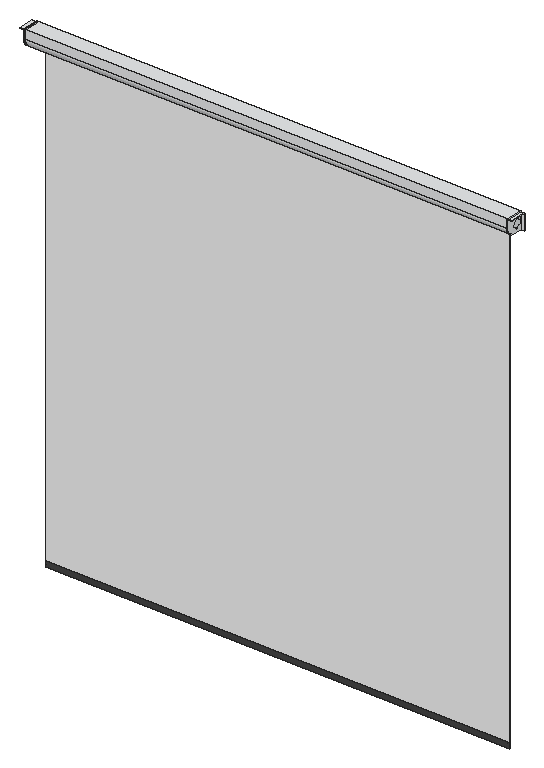
Revit family "Projection_Screen-Draper_Inc.-Targa_Large", category Specialty Equipment, Revit 2026
Family settings
  Round Connector Dimension = Use Diameter
  Part Type = Normal
  Classification Number = 23.85.10.14.31
  Work Plane-Based = No
  Enable Cutting in Views = No
  Always vertical = Yes
  Cut with Voids When Loaded = No
  Maintain Annotation Orientation = No
  Shared = No
  Room Calculation Point = No
Parameters (values of type "AV Format - 16’  x 16’  - 220 V")
  Width = 0' - 4 3/4"  # constant formula
  Voltage = 220 V
  URL = "http://www.DraperInc.com"
  Screen Drop = 16' - 0"
  Screen = 16' - 0"
  Raised [instance] = not(Lowered)  # no
  Projection Screen Material = Fabric - Draper - CH1900E - Pearl White
  Product Page URL = "http://www.draperinc.com/ProjectionScreens/ScreensProducts.asp?detail=285&screen=Targa"
  Product Name = "Targa  Large Electric Projection Screen"  # constant formula
  Product Documentation Link = "http://www.draperinc.com/filedownload.asp?pathname=ProjectionScreens\\Submittals&filename=Targa_LargeSizes_Sub.pdf"
  Overall Size = "192\" x 192\""
  Number of Poles = 1
  Model = "Targa Large"  # constant formula
  Material = ""
  Manufacturer Contact = "1-800-238-7999"  # constant formula
  Manufacturer = "Draper Inc."  # constant formula
  Lowered [instance] = yes
  Length = 16' - 8 7/8"
  Image Length = 16' - 0"
  Image Height = 16' - 0"
  Image Area = "192\" x 192\""
  Image Length Constraint = if(Image Height = Screen Drop, Image Length - 0' 0 1/4", Image Length)  # 15' - 11 3/4"
  Image Height Constraint = if(Image Height = Screen Drop, Image Height - 0' 0 1/4", Image Height)  # 15' - 11 3/4"
  Frequency = 60 Hz
  Description = "Projection Screen"  # constant formula
  Depth = 0' - 6 3/4"  # constant formula
  Default Elevation = 0' - 0"
  Case Material = Paint - Draper - White
  C Border [instance] = if(Image Height = Screen Drop, Border, Lowered)  # no
  Border = Image Height < Screen Drop  # no
  Apparent Load = 132 VA
Types (18): name | Voltage | Screen Drop | Screen | Overall Size | Length | Image Length | Image Height | Image Area | Image Length Constraint | Image Height Constraint | C Border | Border
  AV Format - 16’  x 16’  - 220 V | 220 V | 16' - 0" | 16' - 0" | "192\" x 192\"" | 16' - 8 7/8" | 16' - 0" | 16' - 0" | "192\" x 192\"" | 15' - 11 3/4" | 15' - 11 3/4" | no | no
  AV Format - 12’  x 16’  - 220 V | 220 V | 12' - 0" | 16' - 0" | "144\" x 192\"" | 16' - 8 7/8" | 16' - 0" | 12' - 0" | "144\" x 192\"" | 15' - 11 3/4" | 11' - 11 3/4" | no | no
  AV Format - 14’  x 14’  - 220 V | 220 V | 14' - 0" | 14' - 0" | "168\" x 168\"" | 14' - 8 7/8" | 14' - 0" | 14' - 0" | "168\" x 168\"" | 13' - 11 3/4" | 13' - 11 3/4" | no | no
  16:10 Format - 222" - 220 V | 220 V | 10' - 2" | 16' - 0" | "122\" x 192\"" | 16' - 8 7/8" | 15' - 8" | 9' - 9 1/2" | "117 1/2\" x 188\"" | 15' - 8" | 9' - 9 1/2" | yes | yes
  16:10 Format - 198" - 220 V | 220 V | 9' - 2" | 14' - 4" | "110\" x 172\"" | 15' - 0 7/8" | 14' - 0" | 8' - 9" | "105\" x 168\"" | 14' - 0" | 8' - 9" | yes | yes
  16:9 HDTV Format - 220" - 220 V | 220 V | 9' - 3" | 16' - 0" | "111\" x 192\"" | 16' - 8 7/8" | 15' - 8" | 8' - 10" | "106\" x 188\"" | 15' - 8" | 8' - 10" | yes | yes
  16:9 HDTV Format - 193" - 220 V | 220 V | 8' - 3 1/2" | 14' - 4" | "99 1/2\" x 172\"" | 15' - 0 7/8" | 14' - 0" | 7' - 10 1/2" | "94 1/2\" x 168\"" | 14' - 0" | 7' - 10 1/2" | yes | yes
  4:3 NTSC/PAL Video Format - 240" - 220 V | 220 V | 12' - 2" | 16' - 0" | "146\" x 192\"" | 16' - 8 7/8" | 15' - 8" | 11' - 9" | "141\" x 188\"" | 15' - 8" | 11' - 9" | yes | yes
  4:3 NTSC/PAL Video Format - 210" - 220 V | 220 V | 10' - 11" | 14' - 4" | "131\" x 172\"" | 15' - 0 7/8" | 14' - 0" | 10' - 6" | "126\" x 168\"" | 14' - 0" | 10' - 6" | yes | yes
  AV Format - 16’  x 16’  - 110 V | 110 V | 16' - 0" | 16' - 0" | "192\" x 192\"" | 16' - 8 7/8" | 16' - 0" | 16' - 0" | "192\" x 192\"" | 15' - 11 3/4" | 15' - 11 3/4" | no | no
  AV Format - 12’  x 16’  - 110 V | 110 V | 12' - 0" | 16' - 0" | "144\" x 192\"" | 16' - 8 7/8" | 16' - 0" | 12' - 0" | "144\" x 192\"" | 15' - 11 3/4" | 11' - 11 3/4" | no | no
  AV Format - 14’  x 14’  - 110 V | 110 V | 14' - 0" | 14' - 0" | "168\" x 168\"" | 14' - 8 7/8" | 14' - 0" | 14' - 0" | "168\" x 168\"" | 13' - 11 3/4" | 13' - 11 3/4" | no | no
  16:10 Format - 222" - 110 V | 110 V | 10' - 2" | 16' - 0" | "122\" x 192\"" | 16' - 8 7/8" | 15' - 8" | 9' - 9 1/2" | "117 1/2\" x 188\"" | 15' - 8" | 9' - 9 1/2" | yes | yes
  16:10 Format - 198" - 110 V | 110 V | 9' - 2" | 14' - 4" | "110\" x 172\"" | 15' - 0 7/8" | 14' - 0" | 8' - 9" | "105\" x 168\"" | 14' - 0" | 8' - 9" | yes | yes
  16:9 HDTV Format - 220" - 110 V | 110 V | 9' - 3" | 16' - 0" | "111\" x 192\"" | 16' - 8 7/8" | 15' - 8" | 8' - 10" | "106\" x 188\"" | 15' - 8" | 8' - 10" | yes | yes
  16:9 HDTV Format - 193" - 110 V | 110 V | 8' - 3 1/2" | 14' - 4" | "99 1/2\" x 172\"" | 15' - 0 7/8" | 14' - 0" | 7' - 10 1/2" | "94 1/2\" x 168\"" | 14' - 0" | 7' - 10 1/2" | yes | yes
  4:3 NTSC/PAL Video Format - 240" - 110 V | 110 V | 12' - 2" | 16' - 0" | "146\" x 192\"" | 16' - 8 7/8" | 15' - 8" | 11' - 9" | "141\" x 188\"" | 15' - 8" | 11' - 9" | yes | yes
  4:3 NTSC/PAL Video Format - 210" - 110 V | 110 V | 10' - 11" | 14' - 4" | "131\" x 172\"" | 15' - 0 7/8" | 14' - 0" | 10' - 6" | "126\" x 168\"" | 14' - 0" | 10' - 6" | yes | yes
Reference planes (in)
  plane 1 "Center (Front/Back)": y = 0
  plane 2 "Bottom": z = 0
  plane 3 "Center (Left/Right)": x = 0
  plane 4 "Front": y = -6.75
  plane 5 "Left": x = -100.4375
  plane 6 "Right": x = 100.4375
  plane 7 "B/ Screen": z = -194
  plane 8: x = -99.75391
  plane 9: x = 99.75
  plane 10: z = -193.4775
  plane 11 "Left Screen": x = -96
  plane 12 "Right Screen": x = 96
  plane 13 "Top": z = 6.75
  plane 14: z = 1
  plane 15: z = -97
  plane 16: z = -192
Forms (in)
  Extrusion 1, solid, material "Paint - Draper - White" <- "Case Material"
    sketch origin (0, 0, 0) x (0, 1, 0) y (0, 0, 1)
      loop
        line (0, 6.75) -> (-6.75, 6.75) -> (-6.75, 3)
        arc (-6.75, 3) -> (-5.87132, 0.87868) -> (-3.75, 0) r 3
        line (-3.75, 0) -> (0, 0) -> (0, 6.75)
    from -100.36701 to 100.36701
  Extrusion 2, solid, material "Paint - Draper - White", visible <- "Raised"
    sketch origin (0, 0, 0) x (0, 1, 0) y (0, 0, 1)
      loop
        line (-0.33656, 0.95987) -> (-0.33656, 1.01754) -> (-0.55052, 1.01754) -> (-0.55052, 0.93262)
        arc (-0.55052, 0.93262) -> (-0.59991, 0.84973) -> (-0.69072, 0.81715) r 0.14286
        arc (-0.69072, 0.81715) -> (-0.71497, 0.8071) -> (-0.72501, 0.78286) r 0.03429
        line (-0.72501, 0.78286) -> (-0.72501, 0.03429)
        arc (-0.72501, 0.03429) -> (-0.71497, 0.01004) -> (-0.69072, 0) r 0.03429
        line (-0.69072, 0) -> (-0.18787, 0)
        arc (-0.18787, 0) -> (-0.16362, 0.01004) -> (-0.15358, 0.03429) r 0.03429
        line (-0.15358, 0.03429) -> (-0.15358, 0.52085) -> (-0.10162, 0.56817) -> (-0.10162, 0.64704) -> (-0.15354, 0.69436) -> (-0.15354, 0.7829)
        arc (-0.15354, 0.7829) -> (-0.16564, 0.80914) -> (-0.19348, 0.81688) r 0.03438
        arc (-0.19348, 0.81688) -> (-0.29465, 0.85873) -> (-0.33656, 0.95987) r 0.14299
    from -100.4375 to 100.4375
  Sweep 3, solid, material "Fabric - Draper - CH1900E - Pearl White" <- "Projection Screen Material", visible <- "Raised"
    path origin (0, 0, 0) x (0, 1, 0) y (0, 0, 1)
      loop
        line (-0.44354, 4.95) -> (-0.44354, 0.50283)
    profile origin (0, -0.44354, 0.50283) x (1, 0, 0) y (0, 1, 0)
      loop
        line (-96, 0.03125) -> (-96, -0.03125) -> (96, -0.03125) -> (96, 0.03125) -> (-96, 0.03125)
  Extrusion 4, solid, material "Paint - Draper - White" <- "Case Material"
    sketch origin (0, 0, 0) x (0, 1, 0) y (0, 0, 1)
      loop
        line (0, 0) -> (0, 6.75) -> (-6.75, 6.75) -> (-6.75, 3)
        arc (-6.75, 3) -> (-5.87132, 0.87868) -> (-3.75, 0) r 3
        line (-3.75, 0) -> (0, 0)
    from 99.75 to 100.4375
  Extrusion 5, solid, material "Paint - Draper - White" <- "Case Material"
    sketch origin (0, 0, 0) x (0, 1, 0) y (0, 0, 1)
      loop
        arc (-6.75, 3) -> (-5.87132, 0.87868) -> (-3.75, 0) r 3
        line (-3.75, 0) -> (0, 0) -> (0, 6.75) -> (-6.75, 6.75) -> (-6.75, 3)
    from -100.4375 to -99.75391
  Sweep 6, solid, material "Fabric - Draper - CH1900E - Pearl White" <- "Projection Screen Material", visible <- "Lowered"
    path origin (0, 0, 0) x (0, 1, 0) y (0, 0, 1)
      loop
        line (-0.44354, 4.875) -> (-0.44354, -193.4775)
    profile origin (0, -0.44354, -193.4775) x (1, 0, 0) y (0, 1, 0)
      loop
        line (-96, 0.03125) -> (-96, -0.03125) -> (96, -0.03125) -> (96, 0.03125) -> (-96, 0.03125)
  Extrusion 7, solid, material "Paint - Draper - White" <- "Case Material", detail levels fine
    sketch origin (0, 0, 0) x (0, 1, 0) y (0, 0, 1)
      loop
        line (-1.16902, 4.24391) -> (-2.17782, 5.25178)
        arc (-2.17782, 5.25178) -> (-2.36432, 5.32481) -> (-2.54458, 5.2375) r 0.25
        line (-2.54458, 5.2375) -> (-3.54018, 4.24391)
        arc (-3.54018, 4.24391) -> (-3.8546, 3.325) -> (-3.54018, 2.4061) r 1.5
        line (-3.54018, 2.4061) -> (-2.54458, 1.4125)
        arc (-2.54458, 1.4125) -> (-2.36432, 1.32519) -> (-2.17735, 1.39776) r 0.25
        line (-2.17735, 1.39776) -> (-1.16902, 2.4061)
        arc (-1.16902, 2.4061) -> (-0.8546, 3.325) -> (-1.16902, 4.24391) r 1.5
      loop
        circle (-1.0421, 4.9375) r 0.4375
    from 100.4375 to 100.5152
  Extrusion 8, solid, material "Fabric - Draper - Border - Black", visible <- "C Border"
    sketch origin (0, 0, 0) x (1, 0, 0) y (0, 0, 1)
      loop
        line (-95.875, -0.25) -> (-95.875, -192) -> (95.875, -192) -> (95.875, -0.25) -> (-95.875, -0.25)
      loop
        line (-96, -194) -> (96, -194) -> (96, 4.875) -> (-96, 4.875) -> (-96, -194)
    from 0.36632 to 0.51046
  Extrusion 9, solid, material "Paint - Draper - White" <- "Case Material"
    sketch origin (0, 0, 0) x (1, 0, 0) y (0, 0, 1)
      loop
        line (-100.4375, 6.25) -> (-101.875, 6.25) -> (-101.875, 0) -> (-100.4375, 0) -> (-100.4375, 6.25)
    from 0 to 0.125
  Extrusion 10, solid, material "Paint - Draper - White" <- "Case Material"
    sketch origin (101.75, 0, 0) x (1, 0, 0) y (0, 0, 1)
      loop
        line (0.125, 6.25) -> (-1.3125, 6.25) -> (-1.3125, 0) -> (0.125, 0) -> (0.125, 6.25)
    from 0 to 0.125
  Extrusion 11, solid, material "Paint - Draper - White" <- "Case Material"
    sketch origin (0, 0, 0) x (1, 0, 0) y (0, 1, 0)
      loop
        line (-100.4375, -6.75) -> (-100.4375, -0.5) -> (-101.875, -0.5) -> (-101.875, -6.75) -> (-100.4375, -6.75)
    from 6.625 to 6.75
  Extrusion 12, solid, material "Paint - Draper - White" <- "Case Material"
    sketch origin (100.3125, 0, 0) x (1, 0, 0) y (0, 1, 0)
      loop
        line (1.5625, -6.75) -> (1.5625, -0.5) -> (0.125, -0.5) -> (0.125, -6.75) -> (1.5625, -6.75)
    from 6.625 to 6.75
  Extrusion 13, solid, material "Fabric - Draper - Border - Black", visible <- "Lowered"
    sketch origin (0, 0, 0) x (1, 0, 0) y (0, 0, 1)
      loop
        line (96, -192) -> (-96, -192) -> (-96, -194) -> (96, -194) -> (96, -192)
    from 0.36632 to 0.51046
Lines and regions (in)
  Masking region 1
    outline origin (0, 0, 0) x (1, 0, 0) y (0, 1, 0)
      loop
        line (-99.75391, -0.0625) -> (-99.75391, -6.70327) -> (99.75, -6.70327) -> (99.75, -0.0625) -> (-99.75391, -0.0625)
  Masking region 2
    outline origin (0, 0, 0) x (1, 0, 0) y (0, 1, 0)
      loop
        line (100.4375, -6.75) -> (100.4375, 0) -> (99.75, 0) -> (99.75, -6.75) -> (100.4375, -6.75)
  Masking region 3
    outline origin (-98.4375, 0, 0) x (1, 0, 0) y (0, 1, 0)
      loop
        line (-1.31641, -6.75) -> (-1.31641, 0) -> (-2, 0) -> (-2, -6.75) -> (-1.31641, -6.75)
  Masking region 4
    outline origin (0, 0, 0) x (1, 0, 0) y (0, 1, 0)
      loop
        line (-101.875, -6.75) -> (-100.4375, -6.75) -> (-100.4375, -0.5) -> (-101.875, -0.5) -> (-101.875, -6.75)
  Masking region 5
    outline origin (0, 0, 0) x (1, 0, 0) y (0, 1, 0)
      loop
        line (100.4375, -6.75) -> (101.875, -6.75) -> (101.875, -0.5) -> (100.4375, -0.5) -> (100.4375, -6.75)
  symbolic lines, detail levels medium+fine
    curve 1: line (-100.36701, -0.0625, 0) -> (-99.75391, -0.06375, 0)
    curve 2: line (-100.36701, -0.0625, 0) -> (-100.36701, -4.25871, 0)
    curve 3: line (-100.36701, -4.25871, 0) -> (-99.75391, -4.25871, 0)
    curve 4: line (100.36701, -0.06265, 0) -> (99.75, -0.06265, 0)
    curve 5: line (100.36701, -0.06265, 0) -> (100.36701, -4.25871, 0)
    curve 6: line (100.36701, -4.25871, 0) -> (99.75, -4.25871, 0)
  symbolic lines, detail levels fine
    curve 7: circle (-100.19169, 0, 6.11249) r 0.0625 normal (0, -1, 0)
    curve 8: circle (100.19169, 0, 6.11249) r 0.0625 normal (0, 1, 0)
Dimensions and locks (in)
  plane 1 "Center (Front/Back)" to plane 4 "Front" = 0' - 6 3/4"
  locked: plane 5 "Left" to plane 8 at 0.68359
  locked: plane 9 to plane 6 "Right" at 0.6875
  locked: plane 10 to plane 7 "B/ Screen" at 0.5225
  "Depth": plane 1 "Center (Front/Back)" to plane 4 "Front"
  "Screen Drop": plane 16 to level
  equal spacing: plane 5 "Left", plane 3 "Center (Left/Right)", plane 6 "Right"
  "Length": plane 5 "Left" to plane 6 "Right"
  Sweep 3 sketch curve to profile plane to Sweep 3 sketch curve = 0' - 0 1/32" locked, 0' - 0 1/32" locked
  plane 2 "Bottom" to Sweep 3 sketch curve to Sweep 3 sketch curve = 0' - 0.50283" locked, 0' - 4.44717" locked
  locked: plane 1 "Center (Front/Back)" to Sweep 3 sketch curve at 0.44354
  plane 13 "Top" to plane 2 "Bottom" = 0' - 6 3/4"
  locked: Masking region 1 sketch curve to plane 1 "Center (Front/Back)" at 0.0625
  locked: Masking region 1 sketch curve to plane 4 "Front" at 0.04673
  locked: plane 5 "Left" to Extrusion 1 at 0.07049
  locked: Extrusion 1 to plane 6 "Right" at 0.07049
  locked: plane 13 "Top" to curve 7 at 0.63751
  locked: plane 5 "Left" to curve 7 at 0.24581
  locked: curve 8 to plane 6 "Right" at 0.24581
  locked: plane 13 "Top" to curve 8 at 0.63751
  locked: plane 1 "Center (Front/Back)" to Extrusion 2 sketch curve at 0.72501
  locked: plane 1 "Center (Front/Back)" to Extrusion 2 sketch curve at 0.15358
  plane 1 "Center (Front/Back)" to Extrusion 2 sketch curve to Extrusion 2 sketch curve to Extrusion 2 sketch curve to Extrusion 2 sketch curve to Extrusion 2 sketch curve to Extrusion 2 sketch curve = 0' - 0.10162" locked, 0' - 0.05191" locked, 0' - 0.03994" locked, 0' - 0.14308" locked, 0' - 0.21395" locked, 0' - 0.14021" locked
  Extrusion 2 sketch curve to Extrusion 2 sketch curve to Extrusion 2 sketch curve to Extrusion 2 sketch curve to Extrusion 2 sketch curve to Extrusion 2 sketch curve to Extrusion 2 sketch curve to plane 2 "Bottom" = 0' - 0.05767" locked, 0' - 0.14299" locked, 0' - 0.12251" locked, 0' - 0.04732" locked, 0' - 0.07887" locked, 0' - 0.04732" locked, 0' - 0.52085" locked
  Extrusion 2 sketch curve to Extrusion 2 sketch curve to Extrusion 2 sketch curve to Extrusion 2 sketch curve to Extrusion 2 sketch curve = 0' - 0.08493" locked, 0' - 0.11547" locked, 0' - 0.03429" locked, 0' - 0.74857" locked
  locked: plane 14 to plane 2 "Bottom" at 1
  Sweep 6 sketch curve to profile plane to Sweep 6 sketch curve = 0' - 0 1/32" locked, 0' - 0 1/32" locked
  locked: plane 13 "Top" to Sweep 6 sketch curve at 1.875
  locked: plane 6 "Right" to Extrusion 7 at 0.0777
  plane 13 "Top" to Extrusion 7 to Extrusion 7 = 0' - 1.425", 0' - 4"
  plane 1 "Center (Front/Back)" to Extrusion 7 to Extrusion 7 = 0' - 0.8546" locked, 0' - 3" locked
  plane 1 "Center (Front/Back)" to Extrusion 7 sketch curve to Extrusion 7 sketch curve to Extrusion 7 sketch curve to Extrusion 7 sketch curve = 0' - 1.16902" locked, 0' - 1.00834" locked, 0' - 0.36723" locked, 0' - 0.9956" locked  (x2)
  locked: plane 1 "Center (Front/Back)" to Extrusion 7 sketch curve at 1.0421
  locked: plane 13 "Top" to Extrusion 7 sketch curve at 1.8125
  locked: plane 1 "Center (Front/Back)" to Sweep 6 sketch curve at 0.44354
  equal spacing: plane 2 "Bottom", plane 15, plane 7 "B/ Screen"
  equal spacing: Extrusion 8 sketch curve, plane 3 "Center (Left/Right)", Extrusion 8 sketch curve
  "Image Height Constraint": Extrusion 8 sketch curve to Extrusion 8 sketch curve
  "Image Length Constraint": Extrusion 8 sketch curve to Extrusion 8 sketch curve
  locked: Extrusion 8 to Sweep 6 at 0.04597
  locked: Sweep 6 to Extrusion 8 at 0.03567
  locked: Extrusion 5 sketch curve to plane 2 "Bottom" at 3
  locked: Extrusion 5 sketch curve to plane 4 "Front" at 3
  locked: Extrusion 1 sketch curve to plane 2 "Bottom" at 3
  locked: Extrusion 1 sketch curve to plane 4 "Front" at 3
  locked: Extrusion 4 sketch curve to plane 2 "Bottom" at 3
  locked: Extrusion 4 sketch curve to plane 4 "Front" at 3
  locked: plane 13 "Top" to Extrusion 9 sketch curve at 0.5
  Extrusion 9 sketch curve to plane 5 "Left" = 0' - 1 7/16"
  locked: plane 1 "Center (Front/Back)" to Extrusion 9 at 0.125
  locked: plane 6 "Right" to Extrusion 10 sketch curve at 1.4375
  locked: plane 13 "Top" to Extrusion 10 sketch curve at 0.5
  locked: plane 1 "Center (Front/Back)" to Extrusion 10 at 0.125
  locked: Extrusion 11 sketch curve to plane 1 "Center (Front/Back)" at 0.5
  locked: Extrusion 11 sketch curve to plane 5 "Left" at 1.4375
  locked: plane 13 "Top" to Extrusion 11 at 0.125
  locked: plane 6 "Right" to Extrusion 12 sketch curve at 1.4375
  locked: Extrusion 12 sketch curve to plane 1 "Center (Front/Back)" at 0.5
  locked: plane 13 "Top" to Extrusion 12 at 0.125
  locked: Masking region 4 sketch curve to plane 5 "Left" at 1.4375
  locked: Masking region 4 sketch curve to plane 1 "Center (Front/Back)" at 0.5
  locked: Masking region 5 sketch curve to plane 1 "Center (Front/Back)" at 0.5
  locked: plane 6 "Right" to Masking region 5 sketch curve at 1.4375
  locked: Extrusion 8 sketch curve to plane 7 "B/ Screen" at 2
  locked: plane 13 "Top" to Extrusion 8 sketch curve at 1.875
  locked: Extrusion 13 sketch curve to plane 7 "B/ Screen" at 2
  equal spacing: plane 11 "Left Screen", plane 3 "Center (Left/Right)", plane 12 "Right Screen"
  "Screen": plane 11 "Left Screen" to plane 12 "Right Screen"
  locked: plane 16 to plane 7 "B/ Screen" at 2
  aligned and locked: level to plane 2 "Bottom"
  aligned and locked: Extrusion 4 to plane 6 "Right"
  aligned and locked: plane 9 to Extrusion 4
  aligned and locked: Extrusion 2 to plane 6 "Right"
  aligned and locked: plane 5 "Left" to Extrusion 2
  aligned and locked: Sweep 3 sketch curve to plane 11 "Left Screen"
  aligned and locked: plane 12 "Right Screen" to Sweep 3 sketch curve
  aligned and locked: plane 5 "Left" to Extrusion 5
  aligned and locked: Extrusion 5 to plane 8
  aligned and locked: plane 9 to Masking region 1 sketch curve
  aligned and locked: Masking region 1 sketch curve to plane 8
  aligned and locked: Masking region 2 sketch curve to Extrusion 4  (x2)
  aligned and locked: Masking region 2 sketch curve to plane 4 "Front"
  aligned and locked: Masking region 3 sketch curve to plane 1 "Center (Front/Back)"
  aligned and locked: plane 8 to Masking region 3 sketch curve
  aligned and locked: Masking region 3 sketch curve to plane 5 "Left"
  aligned and locked: plane 4 "Front" to Masking region 3 sketch curve
  aligned and locked: plane 8 to curve 3
  aligned and locked: plane 8 to curve 1
  aligned and locked: plane 9 to curve 4
  aligned and locked: plane 9 to curve 6
  aligned and locked: plane 13 "Top" to Extrusion 5
  aligned and locked: Extrusion 4 to plane 13 "Top"
  aligned and locked: plane 6 "Right" to Extrusion 7
  aligned and locked: plane 2 "Bottom" to Extrusion 5 sketch curve
  aligned and locked: level to Extrusion 4 sketch curve
  aligned and locked: plane 1 "Center (Front/Back)" to Extrusion 1 sketch curve
  aligned and locked: plane 13 "Top" to Extrusion 1 sketch curve
  aligned and locked: plane 2 "Bottom" to Extrusion 1 sketch curve
  aligned and locked: plane 4 "Front" to Extrusion 1 sketch curve
  aligned and locked: Sweep 6 sketch curve to plane 11 "Left Screen"
  aligned and locked: plane 12 "Right Screen" to Sweep 6 sketch curve
  aligned and locked: Extrusion 9 sketch curve to plane 2 "Bottom"
  aligned and locked: Extrusion 9 sketch curve to plane 5 "Left"
  aligned and locked: plane 6 "Right" to Extrusion 10
  aligned and locked: plane 5 "Left" to Extrusion 11 sketch curve
  aligned and locked: plane 4 "Front" to Extrusion 11 sketch curve
  aligned and locked: plane 13 "Top" to Extrusion 11
  aligned and locked: Extrusion 12 sketch curve to plane 6 "Right"
  aligned and locked: Extrusion 12 sketch curve to plane 4 "Front"
  aligned and locked: Masking region 4 sketch curve to plane 5 "Left"
  aligned and locked: Masking region 4 sketch curve to plane 4 "Front"
  aligned and locked: plane 4 "Front" to Masking region 5 sketch curve
  aligned and locked: plane 6 "Right" to Masking region 5 sketch curve
  aligned and locked: plane 10 to Sweep 6 sketch curve
  aligned and locked: Extrusion 8 sketch curve to plane 7 "B/ Screen"
  aligned and locked: Extrusion 8 sketch curve to plane 12 "Right Screen"
  aligned and locked: Extrusion 8 sketch curve to plane 11 "Left Screen"
  aligned and locked: Extrusion 13 sketch curve to plane 7 "B/ Screen"
Automatic sketch dimensions
  curve 1 to plane 5 "Left" = 0' - 0.07049"
  plane 6 "Right" to curve 5 = 0' - 0.07049"
  plane 4 "Front" to curve 6 = 0' - 2.49129"
  plane 4 "Front" to curve 3 = 0' - 2.49129"
  plane 1 "Center (Front/Back)" to curve 1 = 0' - 0.06375"
  plane 1 "Center (Front/Back)" to curve 5 = 0' - 0.06265"
  plane 1 "Center (Front/Back)" to curve 1 = 0' - 0 1/16"
  Extrusion 2 sketch curve to level = 0' - 0"
  Extrusion 2 sketch curve to plane 14 = 0' - 0.04"
  Extrusion 2 sketch curve to Extrusion 2 sketch curve = 0' - 0.00556"
  Extrusion 2 sketch curve to Extrusion 2 sketch curve = 0' - 0.03429"
  Extrusion 2 sketch curve to Extrusion 2 sketch curve = 0' - 0.03397"
  Extrusion 4 sketch curve to plane 1 "Center (Front/Back)" = 0' - 0"
  Extrusion 4 sketch curve to plane 13 "Top" = 0' - 0"
  Extrusion 5 sketch curve to plane 1 "Center (Front/Back)" = 0' - 0"
  Extrusion 5 sketch curve to plane 13 "Top" = 0' - 0"
  plane 1 "Center (Front/Back)" to Masking region 2 sketch curve = 0' - 0"
  Extrusion 7 sketch curve to Extrusion 7 sketch curve = 0' - 0"  (x3)
  Extrusion 7 sketch curve to Extrusion 7 sketch curve = 0' - 0.18998"  (x2)
  Extrusion 7 sketch curve to Extrusion 7 sketch curve = 0' - 1.18558"
  Extrusion 7 sketch curve to Extrusion 7 sketch curve = 0' - 0.00047"  (x4)
  Extrusion 7 sketch curve to Extrusion 7 sketch curve = 0' - 0.69359"
  Extrusion 7 sketch curve to Extrusion 7 sketch curve = 0' - 0.91891"
  plane 14 to Extrusion 7 sketch curve = 0' - 0.575"
  Extrusion 7 sketch curve to Extrusion 7 sketch curve = 0' - 0.1625"  (x2)
  Extrusion 7 sketch curve to Extrusion 7 sketch curve = 0' - 0.1375"
  plane 6 "Right" to Extrusion 10 sketch curve = 0' - 0"
  Extrusion 10 sketch curve to level = 0' - 0"
  plane 11 "Left Screen" to Extrusion 13 sketch curve = 0' - 0"
  plane 12 "Right Screen" to Extrusion 13 sketch curve = 0' - 0"
  radius of curve 7 = 0' - 0 1/16"
  radius of curve 8 = 0' - 0 1/16"
  radius of Extrusion 7 sketch curve = 0' - 0 7/16"
Connectors (in)
  electrical at (100.5152, -1.0421, 4.9375), driven by "Number of Poles", driven by "Voltage", driven by "Apparent Load"
    settings: on Extrusion 7, index 1, voltage 220 V, apparent load 0 VA, apparent load phase1 132 VA, apparent load phase2 0 VA, apparent load phase3 0 VA, power factor 1, load classification "Other", number of poles 1, system type 31, power factor state 1, is connector primary yes, connector utility no, sub classification motor no, connector description "Power"
